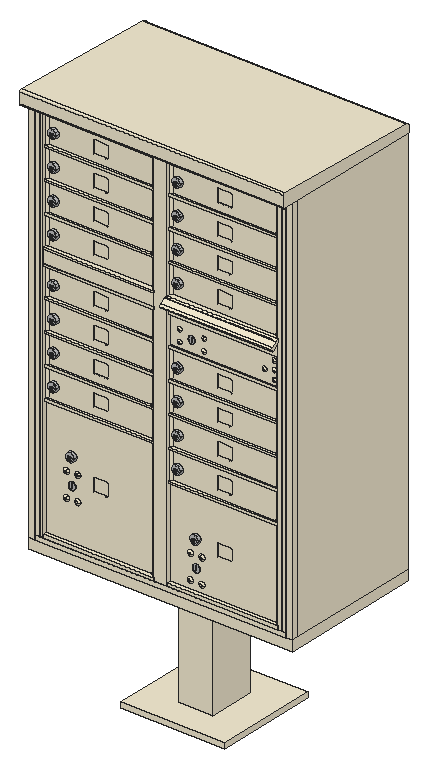
Revit family "Mailboxes_Cluster_Box_Units-Salsbury_Industries-Type_I_II_III_IV", category Specialty Equipment, Revit 2016
Family settings
  Part Type = Normal
  Round Connector Dimension = Use Diameter
  OmniClass Number = 23.40.90.14.11
  OmniClass Title = Mail Boxes
  Work Plane-Based = Yes
  Always vertical = Yes
  Cut with Voids When Loaded = No
  Shared = No
  Room Calculation Point = No
Parameters (values of type "3316")
  Width = 30.510"
  Visible Door Number [instance] = yes
  Visible Divider-Low = no
  Visible Divider-High = yes
  Version = "2.0 (06/30/17)"
  URL = "www.mailboxes.com"
  Type Comments = "Cluster Box Unit (CBU) - Includes Pedestal"
  Pedestal Height = 14.500"
  Visible Parcel Lock [instance] = yes
  OmniClass 23 Title = "Mail Boxes"
  OmniClass 23 Number = "23.40.90.14.11"
  Model = "3316"
  MasterFormat Title = "Postal Specialties"
  MasterFormat Number = "10 55 00"
  Manufacturer = "Salsbury Industries"
  Mail Door-Low = 3300 Series CBU Door Configurations : Empty
  Mail Door-High = 3300 Series CBU Small Mail Configuration : Small Mail Door
  Lock Material = Stainless Steel - Salsbury Finish -  Polished
  Height = 62.045"
  External Panel Material [instance] = Paint - Salsbury Finish - Sandstone
  Door Slot R9 Number [instance] = "2P"
  Door Slot R9 = 3300 Series CBU Parcel Configurations : CBU Small Parcel
  Door Slot R8 Number [instance] = "16"
  Door Slot R8 = 3300 Series CBU Door Configurations : A Door w/ Divider
  Door Slot R7B = 3300 Series CBU Door Configurations : Empty
  Door Slot R7 Number [instance] = "15"
  Door Slot R7 = 3300 Series CBU Door Configurations : A Door w/ Divider
  Door Slot R6B = 3300 Series CBU Door Configurations : Empty
  Door Slot R6 Number [instance] = "14"
  Door Slot R6 = 3300 Series CBU Door Configurations : A Door w/ Divider
  Door Slot R5B = 3300 Series CBU Door Configurations : Empty
  Door Slot R5 Number [instance] = "13"
  Door Slot R5 = 3300 Series CBU Door Configurations : A Door w/ Divider
  Door Slot R4B = 3300 Series CBU Door Configurations : Empty
  Door Slot R4 Number [instance] = "12"
  Door Slot R4 = 3300 Series CBU Door Configurations : A Door w/ Divider
  Door Slot R3B = 3300 Series CBU Door Configurations : Empty
  Door Slot R3 Number [instance] = "11"
  Door Slot R3 = 3300 Series CBU Door Configurations : A Door w/ Divider
  Door Slot R2B = 3300 Series CBU Door Configurations : Empty
  Door Slot R2 Number [instance] = "10"
  Door Slot R2 = 3300 Series CBU Door Configurations : A Door w/ Divider
  Door Slot R1B = 3300 Series CBU Door Configurations : Empty
  Door Slot R1 Number [instance] = "9"
  Door Slot R1 = 3300 Series CBU Door Configurations : A Door
  Door Slot L9 Number [instance] = "1P"
  Door Slot L9 = 3300 Series CBU Parcel Configurations : CBU Large Parcel
  Door Slot L8 Number [instance] = "8"
  Door Slot L8 = 3300 Series CBU Door Configurations : A Door w/ Divider
  Door Slot L7 Number [instance] = "7"
  Door Slot L7 = 3300 Series CBU Door Configurations : A Door w/ Divider
  Door Slot L6B = 3300 Series CBU Door Configurations : Empty
  Door Slot L6 Number [instance] = "6"
  Door Slot L6 = 3300 Series CBU Door Configurations : A Door w/ Divider
  Door Slot L5B = 3300 Series CBU Door Configurations : Empty
  Door Slot L5 Number [instance] = "5"
  Door Slot L5 = 3300 Series CBU Door Configurations : A Door
  Door Slot L4B = 3300 Series CBU Door Configurations : Empty
  Door Slot L4 Number [instance] = "4"
  Door Slot L4 = 3300 Series CBU Door Configurations : A Door w/ Divider
  Door Slot L3B = 3300 Series CBU Door Configurations : Empty
  Door Slot L3 Number [instance] = "3"
  Door Slot L3 = 3300 Series CBU Door Configurations : A Door w/ Divider
  Door Slot L2B = 3300 Series CBU Door Configurations : Empty
  Door Slot L2 Number [instance] = "2"
  Door Slot L2 = 3300 Series CBU Door Configurations : A Door w/ Divider
  Door Slot L1B = 3300 Series CBU Door Configurations : Empty
  Door Slot L1 Number [instance] = "1"
  Door Slot L1 = 3300 Series CBU Door Configurations : A Door
  Door Slot L7B = 3300 Series CBU Door Configurations : Empty
  Description = "16 A Doors, 1 Large Parcel Locker, 1 Small Parcel Locker - Type III - USPS Access"
  Depth = 17.970"
  Default Elevation [instance] = 0.000"
  Box Height = 48.025"
  Assembly Description = "Other Commercial Equipment"
  Assembly Code = "E1010900"
Reference planes (in)
  plane 1 "Center (Front/Back)": y = 0
  plane 2: z = 0
  plane 3 "Center (Left/Right)": x = 0
  plane 4 "Pedestal Base": z = 0
  plane 5 "Top of Unit": z = 62.045
  plane 6 "Bottom of Unit": z = 14.02
  plane 7 "Left Side of Unit": x = -15.255
  plane 8 "Right Side of Unit": x = 15.255
  plane 9 "Front of Unit": y = -8.985
  plane 10 "Back of Unit": y = 8.985
  plane 11 "Top of Pedestal Base Plate": z = 0.56
  plane 12 "Bottom of Pedestal Top Plate": z = 14
  plane 13 "Top of Pedestal Top Plate": z = 14.5
  plane 14 "Back of Pedestal Bottom Plate": y = 6
  plane 15 "Front of Pedestal Bottom Plate": y = -6
  plane 16 "Right Side of Pedestal Bottom Plate": x = 6
  plane 17 "Left Side of Pedestal Bottom Plate": x = -6
  plane 18 "Bottom Plate-Back Hole Align": y = 2
  plane 19 "Bottom Plate-Right Hole Align": x = 5
  plane 20 "Bottom Plate-Left Hole Align": x = -5
  plane 21 "Bottom Plate-Front Hole Align": y = -2
  plane 22 "Top Plate-Back Align": y = 3
  plane 23 "Top Plate-Front Align": y = -3
  plane 24 "Front Face of Unit": y = -7.792
  plane 25 "Right Side of Pedestal": x = 2
  plane 26 "Left Side of Pedestal": x = -2
  plane 27 "Back of Pedestal": y = 2.703
  plane 28 "Front of Pedestal": y = -2.703
  plane 29 "Top of Back Slope": z = 61.445
  plane 30 "Bottom of Top Cap": z = 60.441
  plane 31 "Back of Mail Unit": y = 8.886
  plane 32 "Back Align of Trim": y = -7.1878
  plane 33 "Bottom Trim-Bottom Edge": z = 15.24
  plane 34 "Bottom Door Frame-Bottom Edge": z = 15.74
  plane 35 "Bottom Door Align": z = 16.115
  plane 36 "Top Trim-Bottom Edge": z = 59.99
  plane 37 "Top Door Frame-Bottom Edge": z = 59.615
  plane 38 "Door Row 1-Bottom Edge": z = 56.365
  plane 39 "Door Row 2-Top Edge": z = 56.115
  plane 40 "Door Row 2-Bottom Edge": z = 52.865
  plane 41 "Door Row 3-Top Edge": z = 52.615
  plane 42 "Door Row 3-Bottom Edge": z = 49.365
  plane 43 "Door Row 4-Top Edge": z = 49.115
  plane 44 "Door Row 4-Bottom Edge": z = 45.865
  plane 45 "Gap-Top Edge": z = 45.615
  plane 46 "Gap-Bottom Edge": z = 44.115
  plane 47 "Door Row 5-Top Edge": z = 43.865
  plane 48 "Door Row 5-Bottom Edge": z = 40.615
  plane 49 "Door Row 6-Top Edge": z = 40.365
  plane 50 "Door Row 6-Bottom Edge": z = 37.115
  plane 51 "Door Row 7-Top Edge": z = 36.865
  plane 52 "Door Row 7-Bottom Edge": z = 33.615
  plane 53 "Door Row 8-Top Edge": z = 33.365
  plane 54 "Door Row 8-Bottom Edge": z = 30.115
  plane 55 "Door Row 9-Top Edge": z = 29.865
  plane 56 "Door Row 9-Bottom Edge": z = 26.615
  plane 57 "Door Row 10-Top Edge": z = 26.365
  plane 58: x = -0.732
  plane 59: x = 0.732
  plane 60 "Left Trim Edge": x = -14.471
  plane 61: x = 14.471
  plane 62 "Left Hinge Edge": x = -13.993
  plane 63 "Left Door Frame Edge": x = -13.617
  plane 64 "Right Hinge Edge": x = 13.993
  plane 65 "Right Door Frame Edge": x = 13.617
  plane 66: y = -7.7295
  plane 67 "Top of Pedestal Cover": z = 13.79
  plane 68: y = 8.761
  plane 69: x = -15.13
  plane 70: x = 15.13
  plane 71: x = 15.13
  plane 72: x = -15.13
  plane 73 "Door Row 1B-Bottom Edge": z = 54.615
  plane 74 "Door Row 2B-Top Edge": z = 54.365
  plane 75 "Door Row 2B-Bottom Edge": z = 49.365
  plane 76 "Door Row 3B-Top Edge": z = 49.115
  plane 77 "Door Row 3B-Bottom Edge": z = 44.115
  plane 78 "Door Row 4B-Top Edge": z = 43.865
  plane 79 "Door Row 4B-Bottom Edge": z = 38.865
  plane 80 "Gap 2-Top Edge": z = 38.615
  plane 81 "Gap 2-Bottom Edge": z = 37.115
  plane 82 "Door Row 5B-Top Edge": z = 36.865
  plane 83 "Door Row 5B-Bottom Edge": z = 31.865
  plane 84 "Door Row 6B-Top Edge": z = 31.615
  plane 85 "Door Row 6B-Bottom Edge": z = 26.615
  plane 86 "Door Row 7B-Top Edge": z = 26.365
  plane 87 "Door Row 7B-Bottom Edge": z = 21.365
  plane 88 "Door Row 8B-Top Edge": z = 21.115
  plane 89: z = 0
Forms (in)
  Extrusion 1, solid, material "Paint - Salsbury Finish - Sandstone" <- "External Panel Material"
    sketch origin (0, 0, 0) x (0, -1, 0) y (1, 0, 0)
      loop
        line (-6, -6) -> (6, -6) -> (6, 6) -> (-6, 6) -> (-6, -6)
    from 0 to 0.56
  Extrusion 2, solid, material "Paint - Salsbury Finish - Sandstone" <- "External Panel Material"
    sketch origin (0, 0, 0.56) x (0, -1, 0) y (1, 0, 0)
      loop
        line (-2.703, -2) -> (2.703, -2) -> (2.703, 2) -> (-2.703, 2) -> (-2.703, -2)
    from 0 to 13.44
  Extrusion 3, solid, material "Paint - Salsbury Finish - Sandstone" <- "External Panel Material"
    sketch origin (0, 0, 14) x (0, -1, 0) y (1, 0, 0)
      loop
        line (-3, -6) -> (3, -6) -> (3, 6) -> (-3, 6) -> (-3, -6)
    from 0 to 0.5
  Sweep 4, solid, material "Paint - Salsbury Finish - Sandstone" <- "External Panel Material"
    path origin (0, 0, 14.02) x (0, -1, 0) y (1, 0, 0)
      loop
        line (-8.886, -15.255) -> (7.792, -15.255) -> (7.792, 15.255) -> (-8.886, 15.255) -> (-8.886, -15.255)
    profile origin (0, 8.886, 14.02) x (0, 1, 0) y (0, 0, 1)
      loop
        line (0, 0) -> (0, 1.22) -> (-0.125, 1.22) -> (-0.125, 0) -> (0, 0)
  Extrusion 5, solid, material "Paint - Salsbury Finish - Sandstone" <- "External Panel Material"
    sketch origin (0, 0, 14.02) x (0, -1, 0) y (1, 0, 0)
      loop
        line (-8.761, -15.13) -> (7.7295, -15.13) -> (7.7295, 15.13) -> (-8.761, 15.13) -> (-8.761, -15.13)
    from 0.48 to 1.22
  Extrusion 6, solid, material "Paint - Salsbury Finish - Sandstone" <- "External Panel Material"
    sketch origin (0, 8.886, -12) x (0, 0, -1) y (1, 0, 0)
      loop
        line (-72.441, -15.13) -> (-27.24, -15.13) -> (-27.24, 15.13) -> (-72.441, 15.13) -> (-72.441, -15.13)
    from 0 to 0.125
  Extrusion 7, solid, material "Paint - Salsbury Finish - Sandstone" <- "External Panel Material"
    sketch origin (-15.255, 0, 0) x (0, 0, -1) y (0, -1, 0)
      loop
        line (-60.441, -8.886) -> (-15.24, -8.886) -> (-15.24, 7.1878) -> (-60.441, 7.1878) -> (-60.441, -8.886)
    from -0.125 to 0
  Extrusion 8, solid, material "Paint - Salsbury Finish - Sandstone" <- "External Panel Material"
    sketch origin (0, -7.792, -12) x (0, 0, -1) y (1, 0, 0)
      loop
        line (-72.441, -15.255) -> (-27.24, -15.255) -> (-27.24, -14.471) -> (-72.441, -14.471) -> (-72.441, -15.255)
    from -0.6042 to 0
  Extrusion 9, solid, material "Paint - Salsbury Finish - Sandstone" <- "External Panel Material"
    sketch origin (0, -7.792, -12) x (0, 0, -1) y (1, 0, 0)
      loop
        line (-72.441, 14.471) -> (-27.24, 14.471) -> (-27.24, 15.255) -> (-72.441, 15.255) -> (-72.441, 14.471)
    from -0.6042 to 0
  Extrusion 10, solid, material "Paint - Salsbury Finish - Sandstone" <- "External Panel Material"
    sketch origin (0, -7.792, -12) x (0, 0, -1) y (1, 0, 0)
      loop
        line (-72.441, -14.471) -> (-71.99, -14.471) -> (-71.99, 14.471) -> (-72.441, 14.471) -> (-72.441, -14.471)
    from -0.6042 to 0
  Extrusion 11, solid, material "Paint - Salsbury Finish - Sandstone" <- "External Panel Material"
    sketch origin (0, -7.792, -56.75) x (0, 0, -1) y (1, 0, 0)
      loop
        line (-72.49, -14.471) -> (-71.99, -14.471) -> (-71.99, 14.471) -> (-72.49, 14.471) -> (-72.49, -14.471)
    from -0.6042 to 0
  Extrusion 12, solid, material "Paint - Salsbury Finish - Sandstone" <- "External Panel Material"
    sketch origin (0, -7.792, -12) x (0, 0, -1) y (1, 0, 0)
      loop
        line (-71.99, -14.471) -> (-27.74, -14.471) -> (-27.74, -13.993) -> (-71.99, -13.993) -> (-71.99, -14.471)
    from -0.6042 to 0
  Extrusion 13, solid, material "Paint - Salsbury Finish - Sandstone" <- "External Panel Material"
    sketch origin (0, -7.792, -12) x (0, 0, -1) y (1, 0, 0)
      loop
        line (-71.99, 13.993) -> (-27.74, 13.993) -> (-27.74, 14.471) -> (-71.99, 14.471) -> (-71.99, 13.993)
    from -0.6042 to 0
  Extrusion 14, solid, material "Paint - Salsbury Finish - Sandstone" <- "External Panel Material"
    sketch origin (0, -7.792, -12) x (0, 0, -1) y (1, 0, 0)
      loop
        line (-71.99, -13.993) -> (-27.74, -13.993) -> (-27.74, -13.617) -> (-71.99, -13.617) -> (-71.99, -13.993)
    from -0.6042 to 0
  Extrusion 15, solid, material "Paint - Salsbury Finish - Sandstone" <- "External Panel Material"
    sketch origin (0, -7.792, -12) x (0, 0, -1) y (1, 0, 0)
      loop
        line (-71.99, 13.617) -> (-27.74, 13.617) -> (-27.74, 13.993) -> (-71.99, 13.993) -> (-71.99, 13.617)
    from -0.6042 to 0
  Extrusion 16, solid, material "Paint - Salsbury Finish - Sandstone" <- "External Panel Material"
    sketch origin (0, -7.792, -12) x (0, 0, -1) y (1, 0, 0)
      loop
        line (-71.99, -0.732) -> (-27.74, -0.732) -> (-27.74, 0.732) -> (-71.99, 0.732) -> (-71.99, -0.732)
    from -0.6042 to 0
  Extrusion 17, solid, material "Paint - Salsbury Finish - Sandstone" <- "External Panel Material"
    sketch origin (15.255, 0, 0) x (0, 0, -1) y (0, -1, 0)
      loop
        line (-60.441, -8.985) -> (-60.441, 8.84827)
        arc (-60.441, 8.84827) -> (-60.47996, 8.94485) -> (-60.57605, 8.985) r 0.13506
        line (-60.57605, 8.985) -> (-61.89071, 8.985)
        arc (-61.89071, 8.985) -> (-62.00172, 8.9379) -> (-62.045, 8.82535) r 0.15438
        line (-62.045, 8.82535) -> (-61.44465, -8.75558)
        arc (-61.44465, -8.75558) -> (-61.38861, -8.91669) -> (-61.2323, -8.985) r 0.21298
        line (-61.2323, -8.985) -> (-60.441, -8.985)
    from 0 to 30.51
  Extrusion 18, solid, material "Paint - Salsbury Finish - Sandstone" <- "External Panel Material", visible <- "Visible Divider-High"
    sketch origin (0, -7.792, -12) x (0, 0, -1) y (1, 0, 0)
      loop
        line (-57.615, -13.617) -> (-56.115, -13.617) -> (-56.115, -0.732) -> (-57.615, -0.732) -> (-57.615, -13.617)
    from -0.6042 to -0.0625
  Extrusion 19, solid, material "Paint - Salsbury Finish - Sandstone" <- "External Panel Material", visible <- "Visible Divider-High"
    sketch origin (0, -7.792, -12) x (0, 0, -1) y (1, 0, 0)
      loop
        line (-57.865, -13.617) -> (-57.615, -13.617) -> (-57.615, -0.732) -> (-57.865, -0.732) -> (-57.865, -13.617)
    from -0.6042 to 0
  Extrusion 20, solid, material "Paint - Salsbury Finish - Sandstone" <- "External Panel Material", visible <- "Visible Divider-High"
    sketch origin (0, -7.792, -12) x (0, 0, -1) y (1, 0, 0)
      loop
        line (-56.115, -13.617) -> (-55.865, -13.617) -> (-55.865, -0.732) -> (-56.115, -0.732) -> (-56.115, -13.617)
    from -0.6042 to 0
  Extrusion 21, solid, material "Paint - Salsbury Finish - Sandstone" <- "External Panel Material"
    sketch origin (14.348, -7.792, -12) x (0, 0, -1) y (1, 0, 0)
      loop
        line (-71.99, -13.616) -> (-71.615, -13.616) -> (-71.615, -0.731) -> (-71.99, -0.731) -> (-71.99, -13.616)
    from -0.6042 to 0
  Extrusion 22, solid, material "Paint - Salsbury Finish - Sandstone" <- "External Panel Material"
    sketch origin (0, -7.792, -55.875) x (0, 0, -1) y (1, 0, 0)
      loop
        line (-71.99, -13.617) -> (-71.615, -13.617) -> (-71.615, -0.732) -> (-71.99, -0.732) -> (-71.99, -13.617)
    from -0.6042 to 0
  Extrusion 23, solid, material "Paint - Salsbury Finish - Sandstone" <- "External Panel Material"
    sketch origin (14.348, -7.792, -55.875) x (0, 0, -1) y (1, 0, 0)
      loop
        line (-71.99, -13.616) -> (-71.615, -13.616) -> (-71.615, -0.731) -> (-71.99, -0.731) -> (-71.99, -13.616)
    from -0.6042 to 0
  Extrusion 24, solid, material "Paint - Salsbury Finish - Sandstone" <- "External Panel Material"
    sketch origin (0, -7.792, -12) x (0, 0, -1) y (1, 0, 0)
      loop
        line (-71.99, -13.617) -> (-71.615, -13.617) -> (-71.615, -0.732) -> (-71.99, -0.732) -> (-71.99, -13.617)
    from -0.6042 to 0
  Extrusion 25, solid, material "Paint - Salsbury Finish - Sandstone" <- "External Panel Material", visible <- "Visible Divider-Low"
    sketch origin (0, -7.792, -19) x (0, 0, -1) y (1, 0, 0)
      loop
        line (-57.615, -13.617) -> (-56.115, -13.617) -> (-56.115, -0.732) -> (-57.615, -0.732) -> (-57.615, -13.617)
    from -0.6042 to -0.0625
  Extrusion 26, solid, material "Paint - Salsbury Finish - Sandstone" <- "External Panel Material", visible <- "Visible Divider-Low"
    sketch origin (0, -7.792, -19) x (0, 0, -1) y (1, 0, 0)
      loop
        line (-57.865, -13.617) -> (-57.615, -13.617) -> (-57.615, -0.732) -> (-57.865, -0.732) -> (-57.865, -13.617)
    from -0.6042 to 0
  Extrusion 27, solid, material "Paint - Salsbury Finish - Sandstone" <- "External Panel Material", visible <- "Visible Divider-Low"
    sketch origin (0, -7.792, -19) x (0, 0, -1) y (1, 0, 0)
      loop
        line (-56.115, -13.617) -> (-55.865, -13.617) -> (-55.865, -0.732) -> (-56.115, -0.732) -> (-56.115, -13.617)
    from -0.6042 to 0
  Extrusion 28, solid, material "Paint - Salsbury Finish - Sandstone" <- "External Panel Material"
    sketch origin (15.255, 0, 0) x (0, 0, -1) y (0, -1, 0)
      loop
        line (-60.441, -8.886) -> (-15.24, -8.886) -> (-15.24, 7.1878) -> (-60.441, 7.1878) -> (-60.441, -8.886)
    from 0.125 to 0
Lines and regions (in)
  symbolic lines
    curve 1: line (-15.255, 8.985, 14.02) -> (15.255, 8.985, 14.02)
    curve 2: line (-15.255, -8.985, 14.02) -> (-15.255, 8.985, 14.02)
    curve 3: line (15.255, -8.985, 14.02) -> (-15.255, -8.985, 14.02)
    curve 4: line (15.255, 8.985, 14.02) -> (15.255, -8.985, 14.02)
    curve 5: line (15.255, -7.792, 60.441) -> (15.255, 8.886, 60.441)
    curve 6: line (15.255, -7.792, 14.02) -> (15.255, -7.792, 60.441)
    curve 7: line (15.255, 8.886, 14.02) -> (15.255, -7.792, 14.02)
    curve 8: line (15.255, 8.886, 60.441) -> (15.255, 8.886, 14.02)
    curve 9: line (15.255, 8.886, 60.441) -> (15.255, 8.985, 60.441)
    curve 10: line (15.255, 8.985, 60.441) -> (15.255, 8.985, 61.2323)
    curve 11: arc (15.255, 8.985, 61.2323) -> (15.255, 8.91669, 61.38861) -> (15.255, 8.75558, 61.44465) r 0.21298
    curve 12: line (15.255, 8.75558, 61.44465) -> (15.255, -8.83053, 62.04518)
    curve 13: line (15.255, -7.792, 60.441) -> (15.255, -8.84827, 60.441)
    curve 14: arc (15.255, -8.84827, 60.441) -> (15.255, -8.94495, 60.48105) -> (15.255, -8.985, 60.57773) r 0.13673
    curve 15: line (15.255, -8.985, 60.57773) -> (15.255, -8.985, 61.89071)
    curve 16: arc (15.255, -8.985, 61.89071) -> (15.255, -8.93976, 61.99993) -> (15.255, -8.83053, 62.04518) r 0.15447
    curve 17: line (15.255, -6, 0.56) -> (15.255, 6, 0.56)
    curve 18: line (15.255, -6, 0) -> (15.255, -6, 0.56)
    curve 19: line (15.255, 6, 0) -> (15.255, -6, 0)
    curve 20: line (15.255, 6, 0.56) -> (15.255, 6, 0)
    curve 21: line (15.255, -2.703, 0.56) -> (15.255, -2.703, 14)
    curve 22: line (15.255, 2.703, 0.56) -> (15.255, 2.703, 14)
    curve 23: line (15.255, 3, 14) -> (15.255, -3, 14)
    curve 24: line (15.255, -3, 14) -> (15.255, -3, 14.02)
    curve 25: line (15.255, 3, 14) -> (15.255, 3, 14.02)
    curve 26: line (-15.255, -7.792, 62.045) -> (15.255, -7.792, 62.045)
    curve 27: line (-15.255, -7.792, 14.02) -> (-15.255, -7.792, 62.045)
    curve 28: line (15.255, -7.792, 14.02) -> (-15.255, -7.792, 14.02)
    curve 29: line (15.255, -7.792, 62.045) -> (15.255, -7.792, 14.02)
    curve 30: line (-15.255, -7.792, 60.441) -> (15.255, -7.792, 60.441)
    curve 31: line (-14.471, -7.792, 60.441) -> (-14.471, -7.792, 15.24)
    curve 32: line (-15.255, -7.792, 15.24) -> (15.255, -7.792, 15.24)
    curve 33: line (14.471, -7.792, 15.24) -> (14.471, -7.792, 60.441)
    curve 34: line (14.471, -7.792, 59.99) -> (-14.471, -7.792, 59.99)
    curve 35: line (-13.993, -7.792, 59.99) -> (-13.993, -7.792, 15.74)
    curve 36: line (-14.471, -7.792, 15.74) -> (14.471, -7.792, 15.74)
    curve 37: line (13.993, -7.792, 15.74) -> (13.993, -7.792, 59.99)
    curve 38: line (-6, -7.792, 0.56) -> (6, -7.792, 0.56)
    curve 39: line (-6, -7.792, 0) -> (-6, -7.792, 0.56)
    curve 40: line (6, -7.792, 0) -> (-6, -7.792, 0)
    curve 41: line (6, -7.792, 0.56) -> (6, -7.792, 0)
    curve 42: line (-2, -7.792, 0.56) -> (-2, -7.792, 14)
    curve 43: line (2, -7.792, 0.56) -> (2, -7.792, 14)
Dimensions and locks (in)
  "Width": plane 7 "Left Side of Unit" to plane 8 "Right Side of Unit"
  equal spacing: plane 7 "Left Side of Unit", plane 3 "Center (Left/Right)", plane 8 "Right Side of Unit"
  "Height": plane 5 "Top of Unit" to plane 4 "Pedestal Base"
  "Box Height": plane 5 "Top of Unit" to plane 6 "Bottom of Unit"
  equal spacing: plane 9 "Front of Unit", plane 1 "Center (Front/Back)", plane 10 "Back of Unit"
  "Depth": plane 9 "Front of Unit" to plane 10 "Back of Unit"
  locked: plane 11 "Top of Pedestal Base Plate" to plane 4 "Pedestal Base" at 0.56
  plane 12 "Bottom of Pedestal Top Plate" to plane 11 "Top of Pedestal Base Plate" = 13.440"
  locked: plane 13 "Top of Pedestal Top Plate" to plane 12 "Bottom of Pedestal Top Plate" at 0.5
  "Pedestal Height": plane 13 "Top of Pedestal Top Plate" to plane 4 "Pedestal Base"
  plane 13 "Top of Pedestal Top Plate" to plane 6 "Bottom of Unit" to plane 12 "Bottom of Pedestal Top Plate" = 0.480", 0.020"
  equal spacing: plane 17 "Left Side of Pedestal Bottom Plate", plane 3 "Center (Left/Right)", plane 16 "Right Side of Pedestal Bottom Plate"
  locked: plane 17 "Left Side of Pedestal Bottom Plate" to plane 16 "Right Side of Pedestal Bottom Plate" at 12
  equal spacing: plane 15 "Front of Pedestal Bottom Plate", plane 1 "Center (Front/Back)", plane 14 "Back of Pedestal Bottom Plate"
  locked: plane 15 "Front of Pedestal Bottom Plate" to plane 14 "Back of Pedestal Bottom Plate" at 12
  locked: plane 17 "Left Side of Pedestal Bottom Plate" to plane 20 "Bottom Plate-Left Hole Align" at 1
  locked: plane 19 "Bottom Plate-Right Hole Align" to plane 16 "Right Side of Pedestal Bottom Plate" at 1
  locked: plane 18 "Bottom Plate-Back Hole Align" to plane 14 "Back of Pedestal Bottom Plate" at 4
  locked: plane 15 "Front of Pedestal Bottom Plate" to plane 21 "Bottom Plate-Front Hole Align" at 4
  equal spacing: plane 23 "Top Plate-Front Align", plane 1 "Center (Front/Back)", plane 22 "Top Plate-Back Align"
  locked: plane 23 "Top Plate-Front Align" to plane 22 "Top Plate-Back Align" at 6
  locked: plane 24 "Front Face of Unit" to plane 10 "Back of Unit" at 16.777
  plane 17 "Left Side of Pedestal Bottom Plate" to plane 26 "Left Side of Pedestal" = 4.000"
  plane 25 "Right Side of Pedestal" to plane 16 "Right Side of Pedestal Bottom Plate" = 4.000"
  plane 27 "Back of Pedestal" to plane 14 "Back of Pedestal Bottom Plate" = 3.297"
  plane 15 "Front of Pedestal Bottom Plate" to plane 28 "Front of Pedestal" = 3.297"
  plane 29 "Top of Back Slope" to plane 5 "Top of Unit" = 0.600"
  plane 30 "Bottom of Top Cap" to plane 5 "Top of Unit" = 1.604"
  plane 31 "Back of Mail Unit" to plane 10 "Back of Unit" = 0.099"
  plane 24 "Front Face of Unit" to plane 32 "Back Align of Trim" = 0.6042"
  plane 35 "Bottom Door Align" to plane 34 "Bottom Door Frame-Bottom Edge" to plane 33 "Bottom Trim-Bottom Edge" to plane 6 "Bottom of Unit" = 0.375" locked, 0.500" locked, 1.220" locked
  plane 5 "Top of Unit" to plane 30 "Bottom of Top Cap" to plane 36 "Top Trim-Bottom Edge" to plane 37 "Top Door Frame-Bottom Edge" to plane 38 "Door Row 1-Bottom Edge" to plane 39 "Door Row 2-Top Edge" to plane 40 "Door Row 2-Bottom Edge" to plane 41 "Door Row 3-Top Edge" to plane 42 "Door Row 3-Bottom Edge" to plane 43 "Door Row 4-Top Edge" to plane 44 "Door Row 4-Bottom Edge" to plane 45 "Gap-Top Edge" to plane 46 "Gap-Bottom Edge" to plane 47 "Door Row 5-Top Edge" to plane 48 "Door Row 5-Bottom Edge" to plane 49 "Door Row 6-Top Edge" to plane 50 "Door Row 6-Bottom Edge" to plane 51 "Door Row 7-Top Edge" to plane 52 "Door Row 7-Bottom Edge" to plane 53 "Door Row 8-Top Edge" to plane 54 "Door Row 8-Bottom Edge" to plane 55 "Door Row 9-Top Edge" to plane 56 "Door Row 9-Bottom Edge" to plane 57 "Door Row 10-Top Edge" = 1.604", 0.451", 0.375", 3.250", 0.250", 3.250", 0.250", 3.250", 0.250", 3.250", 0.250", 1.500", 0.250", 3.250", 0.250", 3.250", 0.250", 3.250", 0.250", 3.250", 0.250", 3.250", 0.250"
  equal spacing: plane 58, plane 3 "Center (Left/Right)", plane 59
  plane 58 to plane 59 = 1.464"
  plane 7 "Left Side of Unit" to plane 60 "Left Trim Edge" to plane 62 "Left Hinge Edge" to plane 63 "Left Door Frame Edge" = 0.784", 0.478", 0.376"
  plane 65 "Right Door Frame Edge" to plane 64 "Right Hinge Edge" to plane 61 to plane 8 "Right Side of Unit" = 0.376", 0.478", 0.784"
  plane 24 "Front Face of Unit" to plane 66 = 0.0625"
  plane 13 "Top of Pedestal Top Plate" to plane 67 "Top of Pedestal Cover" to plane 4 "Pedestal Base" = 0.710", 13.790"
  plane 70 to plane 8 "Right Side of Unit" = 0.125"
  plane 7 "Left Side of Unit" to plane 69 = 0.125"
  plane 71 to plane 8 "Right Side of Unit" = 0.125"
  plane 7 "Left Side of Unit" to plane 72 = 0.125"
  plane 5 "Top of Unit" to plane 30 "Bottom of Top Cap" to plane 36 "Top Trim-Bottom Edge" to plane 37 "Top Door Frame-Bottom Edge" to plane 73 "Door Row 1B-Bottom Edge" to plane 74 "Door Row 2B-Top Edge" to plane 75 "Door Row 2B-Bottom Edge" to plane 76 "Door Row 3B-Top Edge" to plane 77 "Door Row 3B-Bottom Edge" to plane 78 "Door Row 4B-Top Edge" to plane 79 "Door Row 4B-Bottom Edge" to plane 80 "Gap 2-Top Edge" to plane 81 "Gap 2-Bottom Edge" to plane 82 "Door Row 5B-Top Edge" to plane 83 "Door Row 5B-Bottom Edge" to plane 84 "Door Row 6B-Top Edge" to plane 85 "Door Row 6B-Bottom Edge" to plane 86 "Door Row 7B-Top Edge" to plane 87 "Door Row 7B-Bottom Edge" to plane 88 "Door Row 8B-Top Edge" = 1.604", 0.451", 0.375", 5.000", 0.250", 5.000", 0.250", 5.000", 0.250", 5.000", 0.250", 1.500", 0.250", 5.000", 0.250", 5.000", 0.250", 5.000", 0.250"
  aligned and locked: level to plane 2
  aligned and locked: Extrusion 1 sketch curve to plane 15 "Front of Pedestal Bottom Plate"
  aligned and locked: Extrusion 1 sketch curve to plane 17 "Left Side of Pedestal Bottom Plate"
  aligned and locked: plane 14 "Back of Pedestal Bottom Plate" to Extrusion 1 sketch curve
  aligned and locked: plane 16 "Right Side of Pedestal Bottom Plate" to Extrusion 1 sketch curve
  aligned and locked: Extrusion 1 to plane 11 "Top of Pedestal Base Plate"
  aligned and locked: plane 27 "Back of Pedestal" to Extrusion 2 sketch curve
  aligned and locked: plane 25 "Right Side of Pedestal" to Extrusion 2 sketch curve
  aligned and locked: Extrusion 2 sketch curve to plane 28 "Front of Pedestal"
  aligned and locked: Extrusion 2 sketch curve to plane 26 "Left Side of Pedestal"
  aligned and locked: Extrusion 2 to plane 12 "Bottom of Pedestal Top Plate"
  aligned and locked: plane 16 "Right Side of Pedestal Bottom Plate" to Extrusion 3 sketch curve
  aligned and locked: Extrusion 3 sketch curve to plane 23 "Top Plate-Front Align"
  aligned and locked: plane 22 "Top Plate-Back Align" to Extrusion 3 sketch curve
  aligned and locked: Extrusion 3 to plane 13 "Top of Pedestal Top Plate"
  aligned and locked: Sweep 4 sketch curve to plane 24 "Front Face of Unit"
  aligned and locked: Sweep 4 sketch curve to plane 7 "Left Side of Unit"
  aligned and locked: plane 31 "Back of Mail Unit" to Sweep 4 sketch curve  (x2)
  aligned and locked: plane 8 "Right Side of Unit" to Sweep 4 sketch curve
  aligned and locked: plane 33 "Bottom Trim-Bottom Edge" to Sweep 4 sketch curve
  aligned and locked: Sweep 4 sketch curve to plane 6 "Bottom of Unit"
  aligned and locked: Extrusion 5 to plane 33 "Bottom Trim-Bottom Edge"
  aligned and locked: plane 13 "Top of Pedestal Top Plate" to Extrusion 5
  aligned and locked: Extrusion 5 to plane 13 "Top of Pedestal Top Plate"  (x2)
  aligned and locked: plane 33 "Bottom Trim-Bottom Edge" to Extrusion 5
  aligned and locked: plane 30 "Bottom of Top Cap" to Extrusion 6 sketch curve
  aligned and locked: Extrusion 6 sketch curve to plane 33 "Bottom Trim-Bottom Edge"
  aligned and locked: Extrusion 6 to Extrusion 5
  aligned and locked: Extrusion 7 sketch curve to plane 33 "Bottom Trim-Bottom Edge"
  aligned and locked: Extrusion 7 sketch curve to plane 32 "Back Align of Trim"
  aligned and locked: Extrusion 7 sketch curve to plane 31 "Back of Mail Unit"
  aligned and locked: plane 30 "Bottom of Top Cap" to Extrusion 7 sketch curve
  aligned and locked: plane 7 "Left Side of Unit" to Extrusion 7
  aligned and locked: Extrusion 7 to Extrusion 5
  aligned and locked: Extrusion 8 sketch curve to plane 33 "Bottom Trim-Bottom Edge"
  aligned and locked: Extrusion 8 sketch curve to plane 7 "Left Side of Unit"
  aligned and locked: plane 60 "Left Trim Edge" to Extrusion 8 sketch curve
  aligned and locked: plane 30 "Bottom of Top Cap" to Extrusion 8 sketch curve
  aligned and locked: Extrusion 8 to plane 32 "Back Align of Trim"
  aligned and locked: plane 24 "Front Face of Unit" to Extrusion 8
  aligned and locked: Extrusion 9 sketch curve to plane 33 "Bottom Trim-Bottom Edge"
  aligned and locked: plane 8 "Right Side of Unit" to Extrusion 9 sketch curve
  aligned and locked: Extrusion 9 sketch curve to plane 61
  aligned and locked: plane 30 "Bottom of Top Cap" to Extrusion 9 sketch curve
  aligned and locked: Extrusion 9 to plane 32 "Back Align of Trim"
  aligned and locked: plane 24 "Front Face of Unit" to Extrusion 9
  aligned and locked: Extrusion 10 sketch curve to plane 60 "Left Trim Edge"
  aligned and locked: plane 30 "Bottom of Top Cap" to Extrusion 10 sketch curve
  aligned and locked: Extrusion 10 sketch curve to plane 36 "Top Trim-Bottom Edge"
  aligned and locked: plane 61 to Extrusion 10 sketch curve
  aligned and locked: Extrusion 10 to plane 32 "Back Align of Trim"
  aligned and locked: plane 24 "Front Face of Unit" to Extrusion 10
  aligned and locked: Extrusion 11 to plane 34 "Bottom Door Frame-Bottom Edge"
  aligned and locked: plane 33 "Bottom Trim-Bottom Edge" to Extrusion 11
  aligned and locked: Extrusion 11 to plane 61
  aligned and locked: plane 60 "Left Trim Edge" to Extrusion 11
  aligned and locked: Extrusion 12 sketch curve to Extrusion 10
  aligned and locked: Extrusion 12 sketch curve to plane 34 "Bottom Door Frame-Bottom Edge"
  aligned and locked: plane 62 "Left Hinge Edge" to Extrusion 12 sketch curve
  aligned and locked: plane 36 "Top Trim-Bottom Edge" to Extrusion 12 sketch curve
  aligned and locked: Extrusion 12 to plane 32 "Back Align of Trim"
  aligned and locked: plane 24 "Front Face of Unit" to Extrusion 12
  aligned and locked: Extrusion 13 sketch curve to plane 64 "Right Hinge Edge"
  aligned and locked: Extrusion 13 sketch curve to Extrusion 11  (x2)
  aligned and locked: plane 36 "Top Trim-Bottom Edge" to Extrusion 13 sketch curve
  aligned and locked: Extrusion 13 to plane 32 "Back Align of Trim"
  aligned and locked: plane 24 "Front Face of Unit" to Extrusion 13
  aligned and locked: Extrusion 14 sketch curve to Extrusion 12  (x2)
  aligned and locked: Extrusion 14 sketch curve to plane 34 "Bottom Door Frame-Bottom Edge"
  aligned and locked: plane 63 "Left Door Frame Edge" to Extrusion 14 sketch curve
  aligned and locked: Extrusion 14 to plane 32 "Back Align of Trim"
  aligned and locked: plane 24 "Front Face of Unit" to Extrusion 14
  aligned and locked: plane 36 "Top Trim-Bottom Edge" to Extrusion 15 sketch curve
  aligned and locked: Extrusion 15 sketch curve to plane 65 "Right Door Frame Edge"
  aligned and locked: Extrusion 15 sketch curve to Extrusion 13  (x2)
  aligned and locked: Extrusion 15 to plane 32 "Back Align of Trim"
  aligned and locked: plane 24 "Front Face of Unit" to Extrusion 15
  aligned and locked: plane 36 "Top Trim-Bottom Edge" to Extrusion 16 sketch curve
  aligned and locked: Extrusion 16 sketch curve to plane 58
  aligned and locked: Extrusion 16 sketch curve to plane 34 "Bottom Door Frame-Bottom Edge"
  aligned and locked: plane 59 to Extrusion 16 sketch curve
  aligned and locked: Extrusion 16 to plane 32 "Back Align of Trim"
  aligned and locked: plane 24 "Front Face of Unit" to Extrusion 16
  aligned and locked: Extrusion 17 sketch curve to plane 10 "Back of Unit"
  aligned and locked: plane 9 "Front of Unit" to Extrusion 17 sketch curve
  aligned and locked: plane 7 "Left Side of Unit" to Extrusion 17
  aligned and locked: plane 45 "Gap-Top Edge" to Extrusion 18 sketch curve
  aligned and locked: Extrusion 18 sketch curve to plane 63 "Left Door Frame Edge"
  aligned and locked: Extrusion 18 sketch curve to plane 46 "Gap-Bottom Edge"
  aligned and locked: plane 58 to Extrusion 18 sketch curve
  aligned and locked: Extrusion 18 to plane 32 "Back Align of Trim"
  aligned and locked: Extrusion 5 to Extrusion 18
  aligned and locked: plane 44 "Door Row 4-Bottom Edge" to Extrusion 19 sketch curve
  aligned and locked: Extrusion 19 sketch curve to plane 63 "Left Door Frame Edge"
  aligned and locked: Extrusion 19 sketch curve to Extrusion 18  (x2)
  aligned and locked: Extrusion 19 to plane 32 "Back Align of Trim"
  aligned and locked: plane 24 "Front Face of Unit" to Extrusion 19
  aligned and locked: Extrusion 20 sketch curve to Extrusion 18  (x2)
  aligned and locked: Extrusion 20 sketch curve to plane 47 "Door Row 5-Top Edge"
  aligned and locked: plane 58 to Extrusion 20 sketch curve
  aligned and locked: Extrusion 20 to plane 32 "Back Align of Trim"
  aligned and locked: plane 24 "Front Face of Unit" to Extrusion 20
  aligned and locked: Extrusion 22 to plane 32 "Back Align of Trim"
  aligned and locked: Extrusion 23 to plane 32 "Back Align of Trim"
  aligned and locked: Extrusion 21 to plane 32 "Back Align of Trim"
  aligned and locked: nested 1 to plane 32 "Back Align of Trim"
  aligned and locked: plane 63 "Left Door Frame Edge" to nested 1
  aligned and locked: nested 1 to plane 38 "Door Row 1-Bottom Edge"
  aligned and locked: nested 4 to plane 32 "Back Align of Trim"
  aligned and locked: plane 63 "Left Door Frame Edge" to nested 4
  aligned and locked: nested 4 to plane 40 "Door Row 2-Bottom Edge"
  aligned and locked: nested 17 to plane 32 "Back Align of Trim"
  aligned and locked: plane 63 "Left Door Frame Edge" to nested 17
  aligned and locked: nested 17 to plane 35 "Bottom Door Align"
  aligned and locked: nested 18 to plane 32 "Back Align of Trim"
  aligned and locked: plane 65 "Right Door Frame Edge" to nested 18
  aligned and locked: Extrusion 3 sketch curve to plane 17 "Left Side of Pedestal Bottom Plate"
  aligned and locked: Sweep 4 sketch curve to plane 68
  aligned and locked: plane 68 to Extrusion 5 sketch curve
  aligned and locked: Extrusion 5 sketch curve to plane 66
  aligned and locked: plane 69 to Extrusion 5 sketch curve
  aligned and locked: plane 70 to Extrusion 5 sketch curve
  aligned and locked: plane 72 to Extrusion 7
  aligned and locked: plane 71 to Extrusion 6 sketch curve
  aligned and locked: Extrusion 6 sketch curve to plane 72
  aligned and locked: Extrusion 6 to plane 31 "Back of Mail Unit"
  aligned and locked: Extrusion 17 sketch curve to plane 30 "Bottom of Top Cap"
  aligned and locked: plane 10 "Back of Unit" to Extrusion 17 sketch curve
  aligned and locked: plane 5 "Top of Unit" to Extrusion 17 sketch curve
  aligned and locked: Extrusion 17 to plane 8 "Right Side of Unit"
  aligned and locked: Extrusion 11 sketch curve to plane 33 "Bottom Trim-Bottom Edge"
  aligned and locked: plane 34 "Bottom Door Frame-Bottom Edge" to Extrusion 11 sketch curve
  aligned and locked: Extrusion 11 sketch curve to plane 60 "Left Trim Edge"
  aligned and locked: plane 61 to Extrusion 11 sketch curve
  aligned and locked: Extrusion 11 to plane 32 "Back Align of Trim"
  aligned and locked: plane 24 "Front Face of Unit" to Extrusion 11
  aligned and locked: plane 58 to Extrusion 24 sketch curve
  aligned and locked: Extrusion 24 sketch curve to plane 37 "Top Door Frame-Bottom Edge"
  aligned and locked: plane 36 "Top Trim-Bottom Edge" to Extrusion 24 sketch curve
  aligned and locked: Extrusion 24 sketch curve to plane 63 "Left Door Frame Edge"
  aligned and locked: Extrusion 24 to plane 32 "Back Align of Trim"
  aligned and locked: plane 24 "Front Face of Unit" to Extrusion 24
  aligned and locked: plane 36 "Top Trim-Bottom Edge" to Extrusion 21 sketch curve
  aligned and locked: Extrusion 21 sketch curve to plane 59
  aligned and locked: Extrusion 21 sketch curve to plane 37 "Top Door Frame-Bottom Edge"
  aligned and locked: plane 65 "Right Door Frame Edge" to Extrusion 21 sketch curve
  aligned and locked: plane 24 "Front Face of Unit" to Extrusion 21
  aligned and locked: Extrusion 23 sketch curve to plane 34 "Bottom Door Frame-Bottom Edge"
  aligned and locked: plane 35 "Bottom Door Align" to Extrusion 23 sketch curve
  aligned and locked: Extrusion 23 sketch curve to plane 59
  aligned and locked: plane 65 "Right Door Frame Edge" to Extrusion 23 sketch curve
  aligned and locked: plane 24 "Front Face of Unit" to Extrusion 23
  aligned and locked: Extrusion 22 sketch curve to plane 63 "Left Door Frame Edge"
  aligned and locked: Extrusion 22 sketch curve to plane 34 "Bottom Door Frame-Bottom Edge"
  aligned and locked: plane 35 "Bottom Door Align" to Extrusion 22 sketch curve
  aligned and locked: plane 58 to Extrusion 22 sketch curve
  aligned and locked: plane 24 "Front Face of Unit" to Extrusion 22
  aligned and locked: plane 63 "Left Door Frame Edge" to nested 6
  aligned and locked: plane 63 "Left Door Frame Edge" to nested 8
  aligned and locked: nested 8 to plane 44 "Door Row 4-Bottom Edge"
  aligned and locked: nested 6 to plane 42 "Door Row 3-Bottom Edge"
  aligned and locked: nested 14 to plane 54 "Door Row 8-Bottom Edge"
  aligned and locked: nested 12 to plane 52 "Door Row 7-Bottom Edge"
  aligned and locked: nested 10 to plane 50 "Door Row 6-Bottom Edge"
  aligned and locked: nested 3 to plane 48 "Door Row 5-Bottom Edge"
  aligned and locked: plane 63 "Left Door Frame Edge" to nested 14
  aligned and locked: plane 63 "Left Door Frame Edge" to nested 12
  aligned and locked: plane 63 "Left Door Frame Edge" to nested 10
  aligned and locked: plane 63 "Left Door Frame Edge" to nested 3
  aligned and locked: nested 16 to plane 56 "Door Row 9-Bottom Edge"
  aligned and locked: nested 15 to plane 54 "Door Row 8-Bottom Edge"
  aligned and locked: nested 13 to plane 52 "Door Row 7-Bottom Edge"
  aligned and locked: plane 65 "Right Door Frame Edge" to nested 16
  aligned and locked: plane 65 "Right Door Frame Edge" to nested 15
  aligned and locked: plane 65 "Right Door Frame Edge" to nested 13
  aligned and locked: plane 65 "Right Door Frame Edge" to nested 11
  aligned and locked: nested 11 to plane 50 "Door Row 6-Bottom Edge"
  aligned and locked: nested 9 to plane 44 "Door Row 4-Bottom Edge"
  aligned and locked: plane 65 "Right Door Frame Edge" to nested 9
  aligned and locked: nested 7 to plane 42 "Door Row 3-Bottom Edge"
  aligned and locked: plane 65 "Right Door Frame Edge" to nested 7
  aligned and locked: nested 5 to plane 40 "Door Row 2-Bottom Edge"
  aligned and locked: nested 2 to plane 38 "Door Row 1-Bottom Edge"
  aligned and locked: plane 65 "Right Door Frame Edge" to nested 5
  aligned and locked: plane 65 "Right Door Frame Edge" to nested 2
  aligned and locked: nested 2 to plane 32 "Back Align of Trim"
  aligned and locked: nested 5 to plane 32 "Back Align of Trim"
  aligned and locked: nested 7 to plane 32 "Back Align of Trim"
  aligned and locked: nested 6 to plane 32 "Back Align of Trim"
  aligned and locked: nested 9 to plane 32 "Back Align of Trim"
  aligned and locked: nested 8 to plane 32 "Back Align of Trim"
  aligned and locked: nested 3 to plane 32 "Back Align of Trim"
  aligned and locked: nested 11 to plane 32 "Back Align of Trim"
  aligned and locked: nested 10 to plane 32 "Back Align of Trim"
  aligned and locked: nested 13 to plane 32 "Back Align of Trim"
  aligned and locked: nested 12 to plane 32 "Back Align of Trim"
  aligned and locked: nested 15 to plane 32 "Back Align of Trim"
  aligned and locked: nested 14 to plane 32 "Back Align of Trim"
  aligned and locked: nested 16 to plane 32 "Back Align of Trim"
  aligned and locked: plane 65 "Right Door Frame Edge" to nested 19
  aligned and locked: nested 19 to plane 48 "Door Row 5-Bottom Edge"
  aligned and locked: nested 19 to plane 32 "Back Align of Trim"
  aligned and locked: curve 1 to Extrusion 17
  aligned and locked: curve 2 to Extrusion 17
  aligned and locked: curve 3 to Extrusion 17
  aligned and locked: curve 4 to Extrusion 17
  aligned and locked: curve 5 to Extrusion 8
  aligned and locked: curve 6 to Extrusion 8
  aligned and locked: curve 7 to Sweep 4
  aligned and locked: curve 8 to plane 31 "Back of Mail Unit"
  aligned and locked: curve 5 to curve 9
  aligned and locked: curve 10 to Extrusion 17
  aligned and locked: curve 12 to Extrusion 17
  aligned and locked: Extrusion 17 to curve 15
  aligned and locked: curve 26 to Extrusion 17
  aligned and locked: curve 27 to Extrusion 17
  aligned and locked: curve 28 to Sweep 4
  aligned and locked: curve 29 to Sweep 4
  aligned and locked: curve 30 to Extrusion 17
  aligned and locked: plane 60 "Left Trim Edge" to curve 31
  aligned and locked: curve 32 to Sweep 4
  aligned and locked: curve 33 to Extrusion 9
  aligned and locked: curve 34 to Extrusion 10
  aligned and locked: curve 35 to Extrusion 12
  aligned and locked: curve 36 to Extrusion 11
  aligned and locked: curve 37 to Extrusion 13
  aligned and locked: Extrusion 26 sketch curve to Extrusion 25  (x2)
  aligned and locked: Extrusion 27 sketch curve to Extrusion 25  (x2)
  aligned and locked: Extrusion 26 sketch curve to plane 63 "Left Door Frame Edge"
  aligned and locked: Extrusion 26 sketch curve to plane 79 "Door Row 4B-Bottom Edge"
  aligned and locked: plane 24 "Front Face of Unit" to Extrusion 26
  aligned and locked: Extrusion 26 to plane 32 "Back Align of Trim"
  aligned and locked: plane 58 to Extrusion 27 sketch curve
  aligned and locked: plane 82 "Door Row 5B-Top Edge" to Extrusion 27 sketch curve
  aligned and locked: plane 24 "Front Face of Unit" to Extrusion 27
  aligned and locked: Extrusion 27 to plane 32 "Back Align of Trim"
  aligned and locked: plane 58 to Extrusion 25 sketch curve
  aligned and locked: Extrusion 25 sketch curve to plane 63 "Left Door Frame Edge"
  aligned and locked: plane 81 "Gap 2-Bottom Edge" to Extrusion 25 sketch curve
  aligned and locked: Extrusion 25 sketch curve to plane 80 "Gap 2-Top Edge"
  aligned and locked: plane 66 to Extrusion 25
  aligned and locked: Extrusion 25 to plane 32 "Back Align of Trim"
  aligned and locked: plane 73 "Door Row 1B-Bottom Edge" to nested 20
  aligned and locked: plane 63 "Left Door Frame Edge" to nested 20
  aligned and locked: nested 20 to plane 32 "Back Align of Trim"
  aligned and locked: plane 65 "Right Door Frame Edge" to nested 21
  aligned and locked: plane 73 "Door Row 1B-Bottom Edge" to nested 21
  aligned and locked: nested 21 to plane 32 "Back Align of Trim"
  aligned and locked: nested 33 to plane 35 "Bottom Door Align"
  aligned and locked: nested 34 to plane 35 "Bottom Door Align"
  aligned and locked: plane 85 "Door Row 6B-Bottom Edge" to nested 30
  aligned and locked: plane 87 "Door Row 7B-Bottom Edge" to nested 32
  aligned and locked: plane 85 "Door Row 6B-Bottom Edge" to nested 31
  aligned and locked: plane 83 "Door Row 5B-Bottom Edge" to nested 28
  aligned and locked: plane 83 "Door Row 5B-Bottom Edge" to nested 29
  aligned and locked: plane 79 "Door Row 4B-Bottom Edge" to nested 26
  aligned and locked: plane 79 "Door Row 4B-Bottom Edge" to nested 27
  aligned and locked: plane 77 "Door Row 3B-Bottom Edge" to nested 24
  aligned and locked: plane 77 "Door Row 3B-Bottom Edge" to nested 25
  aligned and locked: plane 75 "Door Row 2B-Bottom Edge" to nested 22
  aligned and locked: plane 75 "Door Row 2B-Bottom Edge" to nested 23
  aligned and locked: nested 18 to plane 35 "Bottom Door Align"
  aligned and locked: plane 63 "Left Door Frame Edge" to nested 22
  aligned and locked: plane 63 "Left Door Frame Edge" to nested 24
  aligned and locked: plane 63 "Left Door Frame Edge" to nested 26
  aligned and locked: plane 63 "Left Door Frame Edge" to nested 28
  aligned and locked: plane 63 "Left Door Frame Edge" to nested 30
  aligned and locked: plane 63 "Left Door Frame Edge" to nested 34
  aligned and locked: plane 65 "Right Door Frame Edge" to nested 33
  aligned and locked: plane 65 "Right Door Frame Edge" to nested 32
  aligned and locked: plane 65 "Right Door Frame Edge" to nested 31
  aligned and locked: plane 65 "Right Door Frame Edge" to nested 29
  aligned and locked: plane 65 "Right Door Frame Edge" to nested 27
  aligned and locked: plane 65 "Right Door Frame Edge" to nested 25
  aligned and locked: plane 65 "Right Door Frame Edge" to nested 23
  aligned and locked: nested 23 to plane 32 "Back Align of Trim"
  aligned and locked: nested 22 to plane 32 "Back Align of Trim"
  aligned and locked: nested 25 to plane 32 "Back Align of Trim"
  aligned and locked: nested 24 to plane 32 "Back Align of Trim"
  aligned and locked: nested 29 to plane 32 "Back Align of Trim"
  aligned and locked: nested 27 to plane 32 "Back Align of Trim"
  aligned and locked: nested 26 to plane 32 "Back Align of Trim"
  aligned and locked: nested 28 to plane 32 "Back Align of Trim"
  aligned and locked: nested 31 to plane 32 "Back Align of Trim"
  aligned and locked: nested 30 to plane 32 "Back Align of Trim"
  aligned and locked: nested 32 to plane 32 "Back Align of Trim"
  aligned and locked: nested 34 to plane 32 "Back Align of Trim"
  aligned and locked: nested 33 to plane 32 "Back Align of Trim"
  aligned and locked: curve 40 to plane 4 "Pedestal Base"
  aligned and locked: curve 38 to curve 42
  aligned and locked: plane 12 "Bottom of Pedestal Top Plate" to curve 42
  aligned and locked: plane 12 "Bottom of Pedestal Top Plate" to curve 43
  aligned and locked: plane 32 "Back Align of Trim" to Extrusion 28 sketch curve
  aligned and locked: Extrusion 28 sketch curve to plane 30 "Bottom of Top Cap"
  aligned and locked: Extrusion 28 sketch curve to plane 31 "Back of Mail Unit"
  aligned and locked: plane 33 "Bottom Trim-Bottom Edge" to Extrusion 28 sketch curve
  aligned and locked: plane 8 "Right Side of Unit" to Extrusion 28
  aligned and locked: plane 71 to Extrusion 28
  aligned and locked: curve 22 to Extrusion 2
Automatic sketch dimensions
  plane 5 "Top of Unit" to Extrusion 17 sketch curve = 0.15429"
  plane 29 "Top of Back Slope" to Extrusion 17 sketch curve = 0.00035"
  Extrusion 17 sketch curve to plane 68 = 0.01102"
  plane 29 "Top of Back Slope" to Extrusion 17 sketch curve = 0.2127"
  Extrusion 17 sketch curve to plane 30 "Bottom of Top Cap" = 0.13505"
  Extrusion 17 sketch curve to plane 9 "Front of Unit" = 0.15965"
  Extrusion 17 sketch curve to plane 9 "Front of Unit" = 0.13673"
  plane 12 "Bottom of Pedestal Top Plate" to curve 21 = 0.000"
  plane 11 "Top of Pedestal Base Plate" to curve 21 = 0.000"
  curve 18 to level = 0.000"
  curve 19 to plane 14 "Back of Pedestal Bottom Plate" = 0.000"
  curve 25 to plane 22 "Top Plate-Back Align" = 0.000"
  curve 24 to plane 23 "Top Plate-Front Align" = 0.000"
  curve 19 to plane 15 "Front of Pedestal Bottom Plate" = 0.000"
  curve 15 to plane 30 "Bottom of Top Cap" = 0.13673"
  curve 11 to plane 68 = 0.01102"
  plane 29 "Top of Back Slope" to curve 11 = 0.2127"
  plane 5 "Top of Unit" to curve 16 = 0.15429"
  curve 38 to plane 11 "Top of Pedestal Base Plate" = 0.000"
  plane 17 "Left Side of Pedestal Bottom Plate" to curve 39 = 0.000"
  plane 16 "Right Side of Pedestal Bottom Plate" to curve 40 = 0.000"
  curve 21 to plane 28 "Front of Pedestal" = 0.000"
  plane 26 "Left Side of Pedestal" to curve 42 = 0.000"
  plane 25 "Right Side of Pedestal" to curve 43 = 0.000"
Nested families (in)
  nested 1: "3300 Series CBU Door Configurations" at (-7.1745, -7.2448, 56.365), type <- "Door Slot L1", Door Number <- "Door Slot L1 Number", type "A Door"
    with Door Number "1"
  nested 2: "3300 Series CBU Door Configurations" at (7.1745, -7.2448, 56.365), type <- "Door Slot R1", Door Number <- "Door Slot R1 Number", type "A Door"
    with Door Number "9"
  nested 3: "3300 Series CBU Door Configurations" at (-7.1745, -7.2448, 40.615), type <- "Door Slot L5", Door Number <- "Door Slot L5 Number", type "A Door"
    with Door Number "5"
  nested 4: "3300 Series CBU Door Configurations" at (-7.1745, -7.2448, 52.865), type <- "Door Slot L2", Door Number <- "Door Slot L2 Number", type "A Door w/ Divider"
    with Door Number "2"
  nested 5: "3300 Series CBU Door Configurations" at (7.1745, -7.2448, 52.865), type <- "Door Slot R2", Door Number <- "Door Slot R2 Number", type "A Door w/ Divider"
    with Door Number "10"
  nested 6: "3300 Series CBU Door Configurations" at (-7.1745, -7.2448, 49.365), type <- "Door Slot L3", Door Number <- "Door Slot L3 Number", type "A Door w/ Divider"
    with Door Number "3"
  nested 7: "3300 Series CBU Door Configurations" at (7.1745, -7.2448, 49.365), type <- "Door Slot R3", Door Number <- "Door Slot R3 Number", type "A Door w/ Divider"
    with Door Number "11"
  nested 8: "3300 Series CBU Door Configurations" at (-7.1745, -7.2448, 45.865), type <- "Door Slot L4", Door Number <- "Door Slot L4 Number", type "A Door w/ Divider"
    with Door Number "4"
  nested 9: "3300 Series CBU Door Configurations" at (7.1745, -7.2448, 45.865), type <- "Door Slot R4", Door Number <- "Door Slot R4 Number", type "A Door w/ Divider"
    with Door Number "12"
  nested 10: "3300 Series CBU Door Configurations" at (-7.1745, -7.2448, 37.115), type <- "Door Slot L6", Door Number <- "Door Slot L6 Number", type "A Door w/ Divider"
    with Door Number "6"
  nested 11: "3300 Series CBU Door Configurations" at (7.1745, -7.2448, 37.115), type <- "Door Slot R5", Door Number <- "Door Slot R5 Number", type "A Door w/ Divider"
    with Door Number "13"
  nested 12: "3300 Series CBU Door Configurations" at (-7.1745, -7.2448, 33.615), type <- "Door Slot L7", Door Number <- "Door Slot L7 Number", type "A Door w/ Divider"
    with Door Number "7"
  nested 13: "3300 Series CBU Door Configurations" at (7.1745, -7.2448, 33.615), type <- "Door Slot R6", Door Number <- "Door Slot R6 Number", type "A Door w/ Divider"
    with Door Number "14"
  nested 14: "3300 Series CBU Door Configurations" at (-7.1745, -7.2448, 30.115), type <- "Door Slot L8", Door Number <- "Door Slot L8 Number", type "A Door w/ Divider"
    with Door Number "8"
  nested 15: "3300 Series CBU Door Configurations" at (7.1745, -7.2448, 30.115), type <- "Door Slot R7", Door Number <- "Door Slot R7 Number", type "A Door w/ Divider"
    with Door Number "15"
  nested 16: "3300 Series CBU Door Configurations" at (7.1745, -7.2448, 26.615), type <- "Door Slot R8", Door Number <- "Door Slot R8 Number", type "A Door w/ Divider"
    with Door Number "16"
  nested 17: "3300 Series CBU Parcel Configurations" at (-7.1745, -7.2448, 16.115), type <- "Door Slot L9", Door Number <- "Door Slot L9 Number", type "CBU Large Parcel"
    with Door Number "1P"
  nested 18: "3300 Series CBU Parcel Configurations" at (7.1745, -7.2448, 16.115), type <- "Door Slot R9", Door Number <- "Door Slot R9 Number", type "CBU Small Parcel"
    with Door Number "2P"
  nested 19: "3300 Series CBU Small Mail Configuration" at (7.1745, -7.2733, 40.615), type <- "Mail Door-High", type "Small Mail Door"
    with Door Number "101"
  nested 20: "3300 Series CBU Door Configurations" at (-7.1745, -7.2448, 54.615), type <- "Door Slot L1B", Door Number <- "Door Slot L1 Number", type "Empty"
    with Door Number "1"
  nested 21: "3300 Series CBU Door Configurations" at (7.1745, -7.2448, 54.615), type <- "Door Slot R1B", Door Number <- "Door Slot R1 Number", type "Empty"
    with Door Number "9"
  nested 22: "3300 Series CBU Door Configurations" at (-7.1745, -7.2448, 49.365), type <- "Door Slot L2B", Door Number <- "Door Slot L2 Number", type "Empty"
    with Door Number "2"
  nested 23: "3300 Series CBU Door Configurations" at (7.1745, -7.2448, 49.365), type <- "Door Slot R2B", Door Number <- "Door Slot R2 Number", type "Empty"
    with Door Number "10"
  nested 24: "3300 Series CBU Door Configurations" at (-7.1745, -7.2448, 44.115), type <- "Door Slot L3B", Door Number <- "Door Slot L3 Number", type "Empty"
    with Door Number "3"
  nested 25: "3300 Series CBU Door Configurations" at (7.1745, -7.2448, 44.115), type <- "Door Slot R3B", Door Number <- "Door Slot R3 Number", type "Empty"
    with Door Number "11"
  nested 26: "3300 Series CBU Door Configurations" at (-7.1745, -7.2448, 38.865), type <- "Door Slot L4B", Door Number <- "Door Slot L4 Number", type "Empty"
    with Door Number "4"
  nested 27: "3300 Series CBU Door Configurations" at (7.1745, -7.2448, 38.865), type <- "Door Slot R4B", Door Number <- "Door Slot R4 Number", type "Empty"
    with Door Number "12"
  nested 28: "3300 Series CBU Door Configurations" at (-7.1745, -7.2448, 31.865), type <- "Door Slot L5B", Door Number <- "Door Slot L5 Number", type "Empty"
    with Door Number "5"
  nested 29: "3300 Series CBU Door Configurations" at (7.1745, -7.2448, 31.865), type <- "Mail Door-Low", type "Empty"
    with Door Number "101"
  nested 30: "3300 Series CBU Door Configurations" at (-7.1745, -7.2448, 26.615), type <- "Door Slot L6B", Door Number <- "Door Slot L6 Number", type "Empty"
    with Door Number "6"
  nested 31: "3300 Series CBU Door Configurations" at (7.1745, -7.2448, 26.615), type <- "Door Slot R5B", Door Number <- "Door Slot R5 Number", type "Empty"
    with Door Number "13"
  nested 32: "3300 Series CBU Door Configurations" at (7.1745, -7.2448, 21.365), type <- "Door Slot R6B", Door Number <- "Door Slot R6 Number", type "Empty"
    with Door Number "14"
  nested 33: "3300 Series CBU Door Configurations" at (7.1745, -7.2448, 16.115), type <- "Door Slot R7B", Door Number <- "Door Slot R7 Number", type "Empty"
    with Door Number "15"
  nested 34: "3300 Series CBU Door Configurations" at (-7.1745, -7.2448, 16.115), type <- "Door Slot L7B", Door Number <- "Door Slot L7 Number", type "Empty"
    with Door Number "7"
Definition of nested family "3300 Series CBU Door Configurations"
  Parameters (values of type "B Door w/ Divider")
    Weight = "1 lb."
    Visible Guides = yes
    Visible Door Number = yes
    URL = ""
    Model = "3300 A Door"
    Manufacturer = "Salsbury Industries"
    Lock Material = none
    Inset Offset = 0.000"
    Front Panel Material = none
    Door Width = 12.885"
    Door Visibility-MB1 = yes
    Door Number [instance] = "101"
    Door Lock = yes
    Door Height = 5.000"
    Door Divider = yes
    Door Depth = 0.114"
    Description = "A Door for 3300 Series CBU Cluster Box Units"
    Cost = 0
    Center Lock-Vertical = 0.942"
    Center Lock-Horizontal = 1.61523"
  Types (5): name | Visible Guides | Visible Door Number | Door Visibility-MB1 | Door Lock | Door Height | Door Divider
    B Door w/ Divider | yes | yes | yes | yes | 5.000" | yes
    A Door | yes | yes | yes | yes | 3.250" | no
    A Door w/ Divider | yes | yes | yes | yes | 3.250" | yes
    B Door | yes | yes | yes | yes | 5.000" | no
    Empty | no | no | no | no | 3.250" | no
  Reference planes (in)
    plane 1 "Center (Front/Back)": y = 0
    plane 2 "Bottom of Door": z = 0
    plane 3 "Center (Left/Right)": x = 0
    plane 4 "Left Side Face of Door": x = -6.4425
    plane 5 "Right Side Face of Door": x = 6.4425
    plane 6 "Back Face of Door": y = 0.057
    plane 7 "Front Face of Door": y = -0.057
    plane 8: z = 5
    plane 9: z = 2.5
    plane 10 "Face of Divider": y = -0.369
    plane 11 "Center Lock Vertical": x = -5.5005
    plane 12 "Center Lock Horizontal": z = 2.278
    plane 13 "Face of Lock": y = -0.35383
    plane 14 "Divider Height Align": z = 5.25
    plane 15 "Inset Center": x = -0.0975
    plane 16 "Inset Offset": y = -0.057
    plane 17: z = 2.87515
    plane 18: z = 2.12548
  Forms (in)
    Extrusion 1, solid, material <- "Front Panel Material", visible <- "Door Visibility-MB1"
      sketch origin (0, 0, 0) x (1, 0, 0) y (0, 1, 0)
        loop
          line (-6.4425, 0.057) -> (-6.4425, -0.1437) -> (-6.36716, -0.1437)
          arc (-6.36716, -0.1437) -> (-6.26977, -0.07951) -> (-6.15533, -0.057) r 0.30212
          line (-6.15533, -0.057) -> (5.83029, -0.057)
          arc (5.83029, -0.057) -> (5.92959, -0.0858) -> (5.99808, -0.16325) r 0.18561
          arc (5.99808, -0.16325) -> (6.08667, -0.30916) -> (6.2475, -0.36636) r 0.2547
          arc (6.2475, -0.36636) -> (6.3867, -0.29375) -> (6.4425, -0.147) r 0.22088
          line (6.4425, -0.147) -> (6.4425, 0.057) -> (-6.4425, 0.057)
      from 0 to 5
    Blend 2, solid, material <- "Lock Material", visible <- "Door Lock"
      base sketch origin (0, -0.057, -0.22652) x (-1, 0, 0) y (0, 0, 1)
        loop
          circle (5.5005, 2.5) r 0.525
      top sketch origin (0, -0.057, -0.22652) x (-1, 0, 0) y (0, 0, 1)
        loop
          circle (5.5005, 2.5) r 0.485
      from 0 to -0.29688
    Extrusion 3, solid, material <- "Front Panel Material", visible <- "Door Divider"
      sketch origin (0, 0, 5.25) x (-1, 0, 0) y (0, -1, 0)
        loop
          line (6.4425, -0.057) -> (6.4425, 0.369) -> (-6.4425, 0.369) -> (-6.4425, -0.057) -> (6.4425, -0.057)
      from -0.25 to 0
    Extrusion 4, void
      sketch origin (0, -0.35383, -0.22652) x (1, 0, 0) y (0, 0, 1)
        loop
          circle (-5.5005, 2.38) r 0.285
      from 0 to -0.01562
    Extrusion 5, void
      sketch origin (0, -0.35383, -0.22652) x (1, 0, 0) y (0, 0, 1)
        loop
          line (-5.52983, 2.5083) -> (-5.52983, 2.2083) -> (-5.46983, 2.2083) -> (-5.46983, 2.5083) -> (-5.52983, 2.5083)
      from 0 to -0.03906
    Extrusion 6, void
      sketch origin (0, -0.057, 0) x (0, 0, 1) y (-1, 0, 0)
        loop
          arc (3.25, 0.8475) -> (3.21339, 0.93589) -> (3.125, 0.9725) r 0.125
          line (3.125, 0.9725) -> (1.875, 0.9725)
          arc (1.875, 0.9725) -> (1.78661, 0.93589) -> (1.75, 0.8475) r 0.125
          line (1.75, 0.8475) -> (1.75, -0.6525)
          arc (1.75, -0.6525) -> (1.78661, -0.74089) -> (1.875, -0.7775) r 0.125
          line (1.875, -0.7775) -> (3.125, -0.7775)
          arc (3.125, -0.7775) -> (3.21339, -0.74089) -> (3.25, -0.6525) r 0.125
          line (3.25, -0.6525) -> (3.25, 0.8475)
      from 0 to -0.03906
  Cuts and joins
    Extrusion 4, Extrusion 5 cuts Blend 2
    Extrusion 6 cuts Extrusion 1
  Lines and regions (in)
    symbolic lines, visible <- "Visible Guides"
      curve 1: line (-6.4425, 0, 5.25) -> (6.4425, 0, 5.25)
      curve 2: line (-6.4425, 0, 0) -> (-6.4425, 0, 5.25)
      curve 3: line (6.4425, 0, 0) -> (-6.4425, 0, 0)
      curve 4: line (6.4425, 0, 5.25) -> (6.4425, 0, 0)
      curve 5: line (6.2475, 0, 0) -> (6.2475, 0, 5)
      curve 6: line (6.4425, 0, 5) -> (-6.4425, 0, 5)
      curve 7: line (5.99808, 0, 0) -> (5.99808, 0, 5)
      curve 8: circle (-5.49983, 0, 2.28178) r 0.5256 normal (0, -1, 0)
